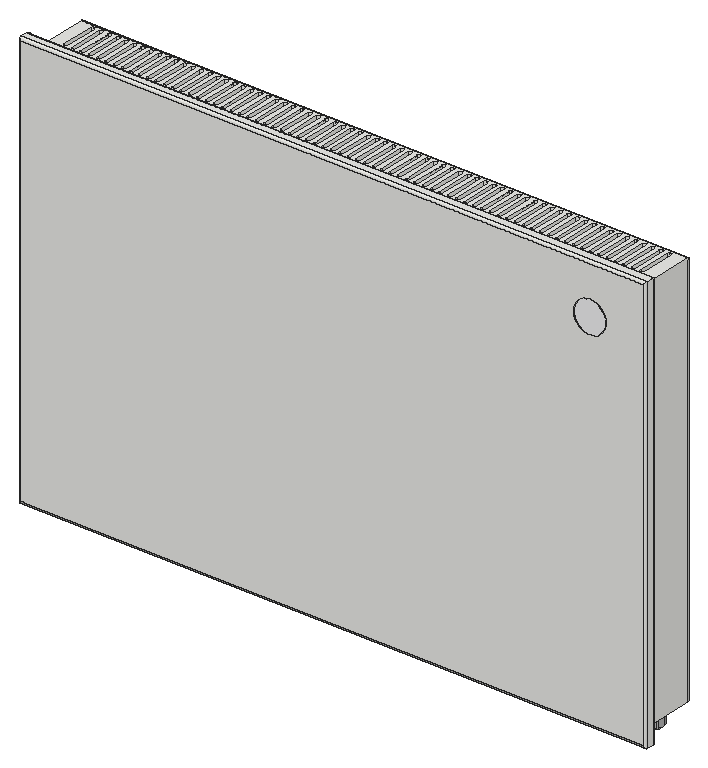
Revit family "Mondo", category Mechanical Equipment, Revit 2020
Family settings
  Round Connector Dimension = Use Diameter
  Classification = None
  Part Type = Normal
  Work Plane-Based = No
  Always vertical = Yes
  Cut with Voids When Loaded = No
  Shared = No
  Room Calculation Point = No
Parameters (values of type "Mondo_0750W")
  Zwart = Zwart
  Voltage = 230 V
  URL = "https://masterwatt.nl/"
  Scherm = Screen
  Power (default) = 750 VA
  Phase = 1
  Model = "Mondo 750W"
  Manufacturer = "Masterwatt B.V."
  Licht grijs = Licht grijs
  Hoogte = 500 mm
  H openingen o = Hoogte - 22 mm  # 478 mm
  H openingen = Hoogte - 12 mm  # 488 mm
  Diepte = 80 mm
  Default Elevation = 0 mm
  Copyright = "Masterwatt B.V."  # constant formula
  Kleur = Lacquer White
  Breedte = 750 mm
  Beugel smal = yes
  Beugel breed = no
  Art. No. = "429 756 411"
  Aantal openingen onder = (Breedte / 2 mm - 135) / 10  # 24
  Aantal openingen boven = (Breedte / 2 mm - 25) / 10  # 35
Reference planes
  plane 1 "Center (Front/Back)": y = 0
  plane 2: z = 0
  plane 3 "Center (Left/Right)": x = 0
  plane 4: x = -375
  plane 5: x = 375
  plane 6: z = 500
  plane 7: y = -15
  plane 8: y = -95
  plane 9: x = -363
  plane 10: z = 488
  plane 11: x = 363
  plane 12: z = 12
  plane 13: y = -81
  plane 14: z = 394
Forms (mm)
  Extrusion 1, solid, material "Lacquer White" <- "Kleur", detail levels medium+fine
    sketch origin (0, 0, 0) x (1, 0, 0) y (0, 0, 1)
      loop
        line (-375, 500) -> (-375, 0) -> (375, 0) -> (375, 500) -> (-375, 500)
    from 81 to 95
  Sweep 2, void
    path in 3D
      loop
        line (-375, -95, 500) -> (-375, -95, 0) -> (375, -95, 0) -> (375, -95, 500) -> (-375, -95, 500)
    profile origin (0, -95, 500) x (0, -1, 0) y (0, 0, 1)
      loop
        line (0, 0) -> (-2.5, 0)
        arc (-2.5, 0) -> (-0.732, -0.732) -> (0, -2.5) r 2.5
        line (0, -2.5) -> (0, 0)
      loop
        line (-14, 0) -> (-14, -2.5)
        arc (-14, -2.5) -> (-13.268, -0.732) -> (-11.5, 0) r 2.5
        line (-11.5, 0) -> (-14, 0)
  Extrusion 3, solid, material "Lacquer White" <- "Kleur", detail levels medium+fine
    sketch origin (0, 0, 0) x (1, 0, 0) y (0, 0, 1)
      loop
        line (-363, 488) -> (-363, 12) -> (363, 12) -> (363, 488) -> (-363, 488)
    from 15 to 81
  Sweep 4, void
    path in 3D
      loop
        line (-363, -81, 488) -> (-363, -81, 12) -> (363, -81, 12) -> (363, -81, 488) -> (-363, -81, 488)
    profile origin (0, -81, 488) x (0, -1, 0) y (0, 0, 1)
      loop
        line (-66, 0) -> (-66, -2)
        arc (-66, -2) -> (-65.414, -0.586) -> (-64, 0) r 2
        line (-64, 0) -> (-66, 0)
  Extrusion 5, void
    sketch origin (-14.747, -2.968, 0) x (1, 0, 0) y (0, 1, 0)
      loop
        arc (341.747, -39.532) -> (339.247, -37.032) -> (336.747, -39.532) r 2.5
        line (336.747, -39.532) -> (336.747, -59.532)
        arc (336.747, -59.532) -> (339.247, -62.032) -> (341.747, -59.532) r 2.5
        line (341.747, -59.532) -> (341.747, -39.532)
    from 12 to 22
  Extrusion 6, void
    sketch origin (-24.747, -2.968, 0) x (1, 0, 0) y (0, 1, 0)
      loop
        arc (341.747, -39.532) -> (339.247, -37.032) -> (336.747, -39.532) r 2.5
        line (336.747, -39.532) -> (336.747, -59.532)
        arc (336.747, -59.532) -> (339.247, -62.032) -> (341.747, -59.532) r 2.5
        line (341.747, -59.532) -> (341.747, -39.532)
    from 12 to 22
  Extrusion 7, void
    sketch origin (-34.747, -2.968, 0) x (1, 0, 0) y (0, 1, 0)
      loop
        arc (341.747, -39.532) -> (339.247, -37.032) -> (336.747, -39.532) r 2.5
        line (336.747, -39.532) -> (336.747, -59.532)
        arc (336.747, -59.532) -> (339.247, -62.032) -> (341.747, -59.532) r 2.5
        line (341.747, -59.532) -> (341.747, -39.532)
    from 12 to 22
  Extrusion 8, void
    sketch origin (-19.747, 23.032, 0) x (1, 0, 0) y (0, 1, 0)
      loop
        line (341.747, -38.032) -> (336.747, -38.032) -> (336.747, -59.532)
        arc (336.747, -59.532) -> (339.247, -62.032) -> (341.747, -59.532) r 2.5
        line (341.747, -59.532) -> (341.747, -38.032)
    from 12 to 17
  Extrusion 9, void
    sketch origin (-29.747, 23.032, 0) x (1, 0, 0) y (0, 1, 0)
      loop
        line (341.747, -38.032) -> (336.747, -38.032) -> (336.747, -59.532)
        arc (336.747, -59.532) -> (339.247, -62.032) -> (341.747, -59.532) r 2.5
        line (341.747, -59.532) -> (341.747, -38.032)
    from 12 to 17
  Extrusion 10, void
    sketch origin (-983.747, -2.968, 0) x (1, 0, 0) y (0, 1, 0)
      loop
        arc (641.747, -39.532) -> (639.247, -37.032) -> (636.747, -39.532) r 2.5
        line (636.747, -39.532) -> (636.747, -59.532)
        arc (636.747, -59.532) -> (639.247, -62.032) -> (641.747, -59.532) r 2.5
        line (641.747, -59.532) -> (641.747, -39.532)
    from 12 to 22
  Extrusion 11, void
    sketch origin (-988.747, 23.032, 0) x (1, 0, 0) y (0, 1, 0)
      loop
        line (641.747, -38.032) -> (636.747, -38.032) -> (636.747, -59.532)
        arc (636.747, -59.532) -> (639.247, -62.032) -> (641.747, -59.532) r 2.5
        line (641.747, -59.532) -> (641.747, -38.032)
    from 12 to 17
  Extrusion 12, void
    sketch origin (-973.747, -2.968, 0) x (1, 0, 0) y (0, 1, 0)
      loop
        arc (641.747, -39.532) -> (639.247, -37.032) -> (636.747, -39.532) r 2.5
        line (636.747, -39.532) -> (636.747, -59.532)
        arc (636.747, -59.532) -> (639.247, -62.032) -> (641.747, -59.532) r 2.5
        line (641.747, -59.532) -> (641.747, -39.532)
    from 12 to 22
  Extrusion 13, void
    sketch origin (-978.747, 23.032, 0) x (1, 0, 0) y (0, 1, 0)
      loop
        line (641.747, -38.032) -> (636.747, -38.032) -> (636.747, -59.532)
        arc (636.747, -59.532) -> (639.247, -62.032) -> (641.747, -59.532) r 2.5
        line (641.747, -59.532) -> (641.747, -38.032)
    from 12 to 17
  Extrusion 14, void
    sketch origin (-963.747, -2.968, 0) x (1, 0, 0) y (0, 1, 0)
      loop
        arc (641.747, -39.532) -> (639.247, -37.032) -> (636.747, -39.532) r 2.5
        line (636.747, -39.532) -> (636.747, -59.532)
        arc (636.747, -59.532) -> (639.247, -62.032) -> (641.747, -59.532) r 2.5
        line (641.747, -59.532) -> (641.747, -39.532)
    from 12 to 22
  Extrusion 15, void
    sketch origin (-968.747, 23.032, 0) x (1, 0, 0) y (0, 1, 0)
      loop
        line (641.747, -38.032) -> (636.747, -38.032) -> (636.747, -59.532)
        arc (636.747, -59.532) -> (639.247, -62.032) -> (641.747, -59.532) r 2.5
        line (641.747, -59.532) -> (641.747, -38.032)
    from 12 to 17
  Extrusion 16, void
    sketch origin (-953.747, -2.968, 0) x (1, 0, 0) y (0, 1, 0)
      loop
        arc (641.747, -39.532) -> (639.247, -37.032) -> (636.747, -39.532) r 2.5
        line (636.747, -39.532) -> (636.747, -59.532)
        arc (636.747, -59.532) -> (639.247, -62.032) -> (641.747, -59.532) r 2.5
        line (641.747, -59.532) -> (641.747, -39.532)
    from 12 to 22
  Extrusion 17, void
    sketch origin (-958.747, 23.032, 0) x (1, 0, 0) y (0, 1, 0)
      loop
        line (641.747, -38.032) -> (636.747, -38.032) -> (636.747, -59.532)
        arc (636.747, -59.532) -> (639.247, -62.032) -> (641.747, -59.532) r 2.5
        line (641.747, -59.532) -> (641.747, -38.032)
    from 12 to 17
  Extrusion 18, void
    sketch origin (-943.747, -2.968, 0) x (1, 0, 0) y (0, 1, 0)
      loop
        arc (641.747, -39.532) -> (639.247, -37.032) -> (636.747, -39.532) r 2.5
        line (636.747, -39.532) -> (636.747, -59.532)
        arc (636.747, -59.532) -> (639.247, -62.032) -> (641.747, -59.532) r 2.5
        line (641.747, -59.532) -> (641.747, -39.532)
    from 12 to 22
  Extrusion 19, void
    sketch origin (-948.747, 23.032, 0) x (1, 0, 0) y (0, 1, 0)
      loop
        line (641.747, -38.032) -> (636.747, -38.032) -> (636.747, -59.532)
        arc (636.747, -59.532) -> (639.247, -62.032) -> (641.747, -59.532) r 2.5
        line (641.747, -59.532) -> (641.747, -38.032)
    from 12 to 17
  Extrusion 20, void
    sketch origin (-504.247, -2.968, 0) x (1, 0, 0) y (0, 1, 0)
      loop
        arc (491.747, -39.532) -> (489.247, -37.032) -> (486.747, -39.532) r 2.5
        line (486.747, -39.532) -> (486.747, -59.532)
        arc (486.747, -59.532) -> (489.247, -62.032) -> (491.747, -59.532) r 2.5
        line (491.747, -59.532) -> (491.747, -39.532)
    from 12 to 22
  Extrusion 21, void
    sketch origin (-494.247, -2.968, 0) x (1, 0, 0) y (0, 1, 0)
      loop
        arc (491.747, -39.532) -> (489.247, -37.032) -> (486.747, -39.532) r 2.5
        line (486.747, -39.532) -> (486.747, -59.532)
        arc (486.747, -59.532) -> (489.247, -62.032) -> (491.747, -59.532) r 2.5
        line (491.747, -59.532) -> (491.747, -39.532)
    from 12 to 22
  Extrusion 22, void
    sketch origin (-499.247, 23.032, 0) x (1, 0, 0) y (0, 1, 0)
      loop
        line (491.747, -38.032) -> (486.747, -38.032) -> (486.747, -59.532)
        arc (486.747, -59.532) -> (489.247, -62.032) -> (491.747, -59.532) r 2.5
        line (491.747, -59.532) -> (491.747, -38.032)
    from 12 to 17
  Extrusion 23, void
    sketch origin (-484.247, -2.968, 0) x (1, 0, 0) y (0, 1, 0)
      loop
        arc (491.747, -39.532) -> (489.247, -37.032) -> (486.747, -39.532) r 2.5
        line (486.747, -39.532) -> (486.747, -59.532)
        arc (486.747, -59.532) -> (489.247, -62.032) -> (491.747, -59.532) r 2.5
        line (491.747, -59.532) -> (491.747, -39.532)
    from 12 to 22
  Extrusion 24, void
    sketch origin (-489.247, 23.032, 0) x (1, 0, 0) y (0, 1, 0)
      loop
        line (491.747, -38.032) -> (486.747, -38.032) -> (486.747, -59.532)
        arc (486.747, -59.532) -> (489.247, -62.032) -> (491.747, -59.532) r 2.5
        line (491.747, -59.532) -> (491.747, -38.032)
    from 12 to 17
  Extrusion 25, void
    sketch origin (-474.247, -2.968, 0) x (1, 0, 0) y (0, 1, 0)
      loop
        arc (491.747, -39.532) -> (489.247, -37.032) -> (486.747, -39.532) r 2.5
        line (486.747, -39.532) -> (486.747, -59.532)
        arc (486.747, -59.532) -> (489.247, -62.032) -> (491.747, -59.532) r 2.5
        line (491.747, -59.532) -> (491.747, -39.532)
    from 12 to 22
  Extrusion 26, void
    sketch origin (-479.247, 23.032, 0) x (1, 0, 0) y (0, 1, 0)
      loop
        line (491.747, -38.032) -> (486.747, -38.032) -> (486.747, -59.532)
        arc (486.747, -59.532) -> (489.247, -62.032) -> (491.747, -59.532) r 2.5
        line (491.747, -59.532) -> (491.747, -38.032)
    from 12 to 17
  Extrusion 27, solid, material "Zwart" <- "Zwart", detail levels fine
    sketch origin (147, -62.5, 0) x (1, 0, 0) y (0, 1, 0)
      loop
        circle (207, -0.5) r 7
    from 10.5 to 12
  Revolve 28, solid, material "Lacquer White" <- "Kleur", detail levels medium+fine
    sketch origin (354, -62.5, 10) x (0, 1, 0) y (0, 0, 1)
      loop
        line (-0.5, 0.5) -> (-0.5, -21.5)
        arc (-0.5, -21.5) -> (1.621, -20.621) -> (2.5, -18.5) r 3
        line (2.5, -18.5) -> (2.5, 0.5) -> (-0.5, 0.5)
      axis (-0.5, 0.5) -> (-0.5, -21.5)
    angle from 0 to 360
  Extrusion 29, void
    sketch origin (0, 0, 0) x (1, 0, 0) y (0, 1, 0)
      loop
        line (-2.5, -62.5) -> (-2.5, -22.5)
        arc (-2.5, -22.5) -> (-5, -20) -> (-7.5, -22.5) r 2.5
        line (-7.5, -22.5) -> (-7.5, -62.5)
        arc (-7.5, -62.5) -> (-5, -65) -> (-2.5, -62.5) r 2.5
    from 478 <- "H openingen o" to 488 <- "H openingen"
  Extrusion 30, void
    sketch origin (10, 0, 0) x (1, 0, 0) y (0, 1, 0)
      loop
        line (-2.5, -62.5) -> (-2.5, -22.5)
        arc (-2.5, -22.5) -> (-5, -20) -> (-7.5, -22.5) r 2.5
        line (-7.5, -22.5) -> (-7.5, -62.5)
        arc (-7.5, -62.5) -> (-5, -65) -> (-2.5, -62.5) r 2.5
    from 478 <- "H openingen o" to 488 <- "H openingen"
  Extrusion 31, void
    sketch origin (20, 0, 0) x (1, 0, 0) y (0, 1, 0)
      loop
        line (-2.5, -62.5) -> (-2.5, -22.5)
        arc (-2.5, -22.5) -> (-5, -20) -> (-7.5, -22.5) r 2.5
        line (-7.5, -22.5) -> (-7.5, -62.5)
        arc (-7.5, -62.5) -> (-5, -65) -> (-2.5, -62.5) r 2.5
    from 478 <- "H openingen o" to 488 <- "H openingen"
  Extrusion 32, void
    sketch origin (30, 0, 0) x (1, 0, 0) y (0, 1, 0)
      loop
        line (-2.5, -62.5) -> (-2.5, -22.5)
        arc (-2.5, -22.5) -> (-5, -20) -> (-7.5, -22.5) r 2.5
        line (-7.5, -22.5) -> (-7.5, -62.5)
        arc (-7.5, -62.5) -> (-5, -65) -> (-2.5, -62.5) r 2.5
    from 478 <- "H openingen o" to 488 <- "H openingen"
  Extrusion 33, void
    sketch origin (40, 0, 0) x (1, 0, 0) y (0, 1, 0)
      loop
        line (-2.5, -62.5) -> (-2.5, -22.5)
        arc (-2.5, -22.5) -> (-5, -20) -> (-7.5, -22.5) r 2.5
        line (-7.5, -22.5) -> (-7.5, -62.5)
        arc (-7.5, -62.5) -> (-5, -65) -> (-2.5, -62.5) r 2.5
    from 478 <- "H openingen o" to 488 <- "H openingen"
  Extrusion 34, void
    sketch origin (50, 0, 0) x (1, 0, 0) y (0, 1, 0)
      loop
        line (-2.5, -62.5) -> (-2.5, -22.5)
        arc (-2.5, -22.5) -> (-5, -20) -> (-7.5, -22.5) r 2.5
        line (-7.5, -22.5) -> (-7.5, -62.5)
        arc (-7.5, -62.5) -> (-5, -65) -> (-2.5, -62.5) r 2.5
    from 478 <- "H openingen o" to 488 <- "H openingen"
  Extrusion 35, void
    sketch origin (60, 0, 0) x (1, 0, 0) y (0, 1, 0)
      loop
        line (-2.5, -62.5) -> (-2.5, -22.5)
        arc (-2.5, -22.5) -> (-5, -20) -> (-7.5, -22.5) r 2.5
        line (-7.5, -22.5) -> (-7.5, -62.5)
        arc (-7.5, -62.5) -> (-5, -65) -> (-2.5, -62.5) r 2.5
    from 478 <- "H openingen o" to 488 <- "H openingen"
  Extrusion 36, void
    sketch origin (70, 0, 0) x (1, 0, 0) y (0, 1, 0)
      loop
        line (-2.5, -62.5) -> (-2.5, -22.5)
        arc (-2.5, -22.5) -> (-5, -20) -> (-7.5, -22.5) r 2.5
        line (-7.5, -22.5) -> (-7.5, -62.5)
        arc (-7.5, -62.5) -> (-5, -65) -> (-2.5, -62.5) r 2.5
    from 478 <- "H openingen o" to 488 <- "H openingen"
  Extrusion 37, void
    sketch origin (80, 0, 0) x (1, 0, 0) y (0, 1, 0)
      loop
        line (-2.5, -62.5) -> (-2.5, -22.5)
        arc (-2.5, -22.5) -> (-5, -20) -> (-7.5, -22.5) r 2.5
        line (-7.5, -22.5) -> (-7.5, -62.5)
        arc (-7.5, -62.5) -> (-5, -65) -> (-2.5, -62.5) r 2.5
    from 478 <- "H openingen o" to 488 <- "H openingen"
  Extrusion 38, void
    sketch origin (90, 0, 0) x (1, 0, 0) y (0, 1, 0)
      loop
        line (-2.5, -62.5) -> (-2.5, -22.5)
        arc (-2.5, -22.5) -> (-5, -20) -> (-7.5, -22.5) r 2.5
        line (-7.5, -22.5) -> (-7.5, -62.5)
        arc (-7.5, -62.5) -> (-5, -65) -> (-2.5, -62.5) r 2.5
    from 478 <- "H openingen o" to 488 <- "H openingen"
  Extrusion 39, void
    sketch origin (100, 0, 0) x (1, 0, 0) y (0, 1, 0)
      loop
        line (-2.5, -62.5) -> (-2.5, -22.5)
        arc (-2.5, -22.5) -> (-5, -20) -> (-7.5, -22.5) r 2.5
        line (-7.5, -22.5) -> (-7.5, -62.5)
        arc (-7.5, -62.5) -> (-5, -65) -> (-2.5, -62.5) r 2.5
    from 478 <- "H openingen o" to 488 <- "H openingen"
  Extrusion 40, void
    sketch origin (110, 0, 0) x (1, 0, 0) y (0, 1, 0)
      loop
        line (-2.5, -62.5) -> (-2.5, -22.5)
        arc (-2.5, -22.5) -> (-5, -20) -> (-7.5, -22.5) r 2.5
        line (-7.5, -22.5) -> (-7.5, -62.5)
        arc (-7.5, -62.5) -> (-5, -65) -> (-2.5, -62.5) r 2.5
    from 478 <- "H openingen o" to 488 <- "H openingen"
  Extrusion 41, void
    sketch origin (120, 0, 0) x (1, 0, 0) y (0, 1, 0)
      loop
        line (-2.5, -62.5) -> (-2.5, -22.5)
        arc (-2.5, -22.5) -> (-5, -20) -> (-7.5, -22.5) r 2.5
        line (-7.5, -22.5) -> (-7.5, -62.5)
        arc (-7.5, -62.5) -> (-5, -65) -> (-2.5, -62.5) r 2.5
    from 478 <- "H openingen o" to 488 <- "H openingen"
  Extrusion 42, void
    sketch origin (130, 0, 0) x (1, 0, 0) y (0, 1, 0)
      loop
        line (-2.5, -62.5) -> (-2.5, -22.5)
        arc (-2.5, -22.5) -> (-5, -20) -> (-7.5, -22.5) r 2.5
        line (-7.5, -22.5) -> (-7.5, -62.5)
        arc (-7.5, -62.5) -> (-5, -65) -> (-2.5, -62.5) r 2.5
    from 478 <- "H openingen o" to 488 <- "H openingen"
  Extrusion 43, void
    sketch origin (140, 0, 0) x (1, 0, 0) y (0, 1, 0)
      loop
        line (-2.5, -62.5) -> (-2.5, -22.5)
        arc (-2.5, -22.5) -> (-5, -20) -> (-7.5, -22.5) r 2.5
        line (-7.5, -22.5) -> (-7.5, -62.5)
        arc (-7.5, -62.5) -> (-5, -65) -> (-2.5, -62.5) r 2.5
    from 478 <- "H openingen o" to 488 <- "H openingen"
  Extrusion 44, void
    sketch origin (150, 0, 0) x (1, 0, 0) y (0, 1, 0)
      loop
        line (-2.5, -62.5) -> (-2.5, -22.5)
        arc (-2.5, -22.5) -> (-5, -20) -> (-7.5, -22.5) r 2.5
        line (-7.5, -22.5) -> (-7.5, -62.5)
        arc (-7.5, -62.5) -> (-5, -65) -> (-2.5, -62.5) r 2.5
    from 478 <- "H openingen o" to 488 <- "H openingen"
  Extrusion 45, void
    sketch origin (160, 0, 0) x (1, 0, 0) y (0, 1, 0)
      loop
        line (-2.5, -62.5) -> (-2.5, -22.5)
        arc (-2.5, -22.5) -> (-5, -20) -> (-7.5, -22.5) r 2.5
        line (-7.5, -22.5) -> (-7.5, -62.5)
        arc (-7.5, -62.5) -> (-5, -65) -> (-2.5, -62.5) r 2.5
    from 478 <- "H openingen o" to 488 <- "H openingen"
  Extrusion 46, void
    sketch origin (170, 0, 0) x (1, 0, 0) y (0, 1, 0)
      loop
        line (-2.5, -62.5) -> (-2.5, -22.5)
        arc (-2.5, -22.5) -> (-5, -20) -> (-7.5, -22.5) r 2.5
        line (-7.5, -22.5) -> (-7.5, -62.5)
        arc (-7.5, -62.5) -> (-5, -65) -> (-2.5, -62.5) r 2.5
    from 478 <- "H openingen o" to 488 <- "H openingen"
  Extrusion 47, void
    sketch origin (180, 0, 0) x (1, 0, 0) y (0, 1, 0)
      loop
        line (-2.5, -62.5) -> (-2.5, -22.5)
        arc (-2.5, -22.5) -> (-5, -20) -> (-7.5, -22.5) r 2.5
        line (-7.5, -22.5) -> (-7.5, -62.5)
        arc (-7.5, -62.5) -> (-5, -65) -> (-2.5, -62.5) r 2.5
    from 478 <- "H openingen o" to 488 <- "H openingen"
  Extrusion 48, void
    sketch origin (190, 0, 0) x (1, 0, 0) y (0, 1, 0)
      loop
        line (-2.5, -62.5) -> (-2.5, -22.5)
        arc (-2.5, -22.5) -> (-5, -20) -> (-7.5, -22.5) r 2.5
        line (-7.5, -22.5) -> (-7.5, -62.5)
        arc (-7.5, -62.5) -> (-5, -65) -> (-2.5, -62.5) r 2.5
    from 478 <- "H openingen o" to 488 <- "H openingen"
  Extrusion 49, void
    sketch origin (200, 0, 0) x (1, 0, 0) y (0, 1, 0)
      loop
        line (-2.5, -62.5) -> (-2.5, -22.5)
        arc (-2.5, -22.5) -> (-5, -20) -> (-7.5, -22.5) r 2.5
        line (-7.5, -22.5) -> (-7.5, -62.5)
        arc (-7.5, -62.5) -> (-5, -65) -> (-2.5, -62.5) r 2.5
    from 478 <- "H openingen o" to 488 <- "H openingen"
  Extrusion 50, void
    sketch origin (210, 0, 0) x (1, 0, 0) y (0, 1, 0)
      loop
        line (-2.5, -62.5) -> (-2.5, -22.5)
        arc (-2.5, -22.5) -> (-5, -20) -> (-7.5, -22.5) r 2.5
        line (-7.5, -22.5) -> (-7.5, -62.5)
        arc (-7.5, -62.5) -> (-5, -65) -> (-2.5, -62.5) r 2.5
    from 478 <- "H openingen o" to 488 <- "H openingen"
  Extrusion 51, void
    sketch origin (220, 0, 0) x (1, 0, 0) y (0, 1, 0)
      loop
        line (-2.5, -62.5) -> (-2.5, -22.5)
        arc (-2.5, -22.5) -> (-5, -20) -> (-7.5, -22.5) r 2.5
        line (-7.5, -22.5) -> (-7.5, -62.5)
        arc (-7.5, -62.5) -> (-5, -65) -> (-2.5, -62.5) r 2.5
    from 478 <- "H openingen o" to 488 <- "H openingen"
  Extrusion 52, void
    sketch origin (230, 0, 0) x (1, 0, 0) y (0, 1, 0)
      loop
        line (-2.5, -62.5) -> (-2.5, -22.5)
        arc (-2.5, -22.5) -> (-5, -20) -> (-7.5, -22.5) r 2.5
        line (-7.5, -22.5) -> (-7.5, -62.5)
        arc (-7.5, -62.5) -> (-5, -65) -> (-2.5, -62.5) r 2.5
    from 478 <- "H openingen o" to 488 <- "H openingen"
  Extrusion 53, void
    sketch origin (240, 0, 0) x (1, 0, 0) y (0, 1, 0)
      loop
        line (-2.5, -62.5) -> (-2.5, -22.5)
        arc (-2.5, -22.5) -> (-5, -20) -> (-7.5, -22.5) r 2.5
        line (-7.5, -22.5) -> (-7.5, -62.5)
        arc (-7.5, -62.5) -> (-5, -65) -> (-2.5, -62.5) r 2.5
    from 478 <- "H openingen o" to 488 <- "H openingen"
  Extrusion 54, void
    sketch origin (250, 0, 0) x (1, 0, 0) y (0, 1, 0)
      loop
        line (-2.5, -62.5) -> (-2.5, -22.5)
        arc (-2.5, -22.5) -> (-5, -20) -> (-7.5, -22.5) r 2.5
        line (-7.5, -22.5) -> (-7.5, -62.5)
        arc (-7.5, -62.5) -> (-5, -65) -> (-2.5, -62.5) r 2.5
    from 478 <- "H openingen o" to 488 <- "H openingen"
  Extrusion 55, void
    sketch origin (260, 0, 0) x (1, 0, 0) y (0, 1, 0)
      loop
        line (-2.5, -62.5) -> (-2.5, -22.5)
        arc (-2.5, -22.5) -> (-5, -20) -> (-7.5, -22.5) r 2.5
        line (-7.5, -22.5) -> (-7.5, -62.5)
        arc (-7.5, -62.5) -> (-5, -65) -> (-2.5, -62.5) r 2.5
    from 478 <- "H openingen o" to 488 <- "H openingen"
  Extrusion 56, void
    sketch origin (270, 0, 0) x (1, 0, 0) y (0, 1, 0)
      loop
        line (-2.5, -62.5) -> (-2.5, -22.5)
        arc (-2.5, -22.5) -> (-5, -20) -> (-7.5, -22.5) r 2.5
        line (-7.5, -22.5) -> (-7.5, -62.5)
        arc (-7.5, -62.5) -> (-5, -65) -> (-2.5, -62.5) r 2.5
    from 478 <- "H openingen o" to 488 <- "H openingen"
  Extrusion 57, void
    sketch origin (280, 0, 0) x (1, 0, 0) y (0, 1, 0)
      loop
        line (-2.5, -62.5) -> (-2.5, -22.5)
        arc (-2.5, -22.5) -> (-5, -20) -> (-7.5, -22.5) r 2.5
        line (-7.5, -22.5) -> (-7.5, -62.5)
        arc (-7.5, -62.5) -> (-5, -65) -> (-2.5, -62.5) r 2.5
    from 478 <- "H openingen o" to 488 <- "H openingen"
  Extrusion 58, void
    sketch origin (290, 0, 0) x (1, 0, 0) y (0, 1, 0)
      loop
        line (-2.5, -62.5) -> (-2.5, -22.5)
        arc (-2.5, -22.5) -> (-5, -20) -> (-7.5, -22.5) r 2.5
        line (-7.5, -22.5) -> (-7.5, -62.5)
        arc (-7.5, -62.5) -> (-5, -65) -> (-2.5, -62.5) r 2.5
    from 478 <- "H openingen o" to 488 <- "H openingen"
  Extrusion 59, void
    sketch origin (300, 0, 0) x (1, 0, 0) y (0, 1, 0)
      loop
        line (-2.5, -62.5) -> (-2.5, -22.5)
        arc (-2.5, -22.5) -> (-5, -20) -> (-7.5, -22.5) r 2.5
        line (-7.5, -22.5) -> (-7.5, -62.5)
        arc (-7.5, -62.5) -> (-5, -65) -> (-2.5, -62.5) r 2.5
    from 478 <- "H openingen o" to 488 <- "H openingen"
  Extrusion 60, void
    sketch origin (310, 0, 0) x (1, 0, 0) y (0, 1, 0)
      loop
        line (-2.5, -62.5) -> (-2.5, -22.5)
        arc (-2.5, -22.5) -> (-5, -20) -> (-7.5, -22.5) r 2.5
        line (-7.5, -22.5) -> (-7.5, -62.5)
        arc (-7.5, -62.5) -> (-5, -65) -> (-2.5, -62.5) r 2.5
    from 478 <- "H openingen o" to 488 <- "H openingen"
  Extrusion 61, void
    sketch origin (320, 0, 0) x (1, 0, 0) y (0, 1, 0)
      loop
        line (-2.5, -62.5) -> (-2.5, -22.5)
        arc (-2.5, -22.5) -> (-5, -20) -> (-7.5, -22.5) r 2.5
        line (-7.5, -22.5) -> (-7.5, -62.5)
        arc (-7.5, -62.5) -> (-5, -65) -> (-2.5, -62.5) r 2.5
    from 478 <- "H openingen o" to 488 <- "H openingen"
  Extrusion 62, void
    sketch origin (330, 0, 0) x (1, 0, 0) y (0, 1, 0)
      loop
        line (-2.5, -62.5) -> (-2.5, -22.5)
        arc (-2.5, -22.5) -> (-5, -20) -> (-7.5, -22.5) r 2.5
        line (-7.5, -22.5) -> (-7.5, -62.5)
        arc (-7.5, -62.5) -> (-5, -65) -> (-2.5, -62.5) r 2.5
    from 478 <- "H openingen o" to 488 <- "H openingen"
  Extrusion 63, void
    sketch origin (340, 0, 0) x (1, 0, 0) y (0, 1, 0)
      loop
        line (-2.5, -62.5) -> (-2.5, -22.5)
        arc (-2.5, -22.5) -> (-5, -20) -> (-7.5, -22.5) r 2.5
        line (-7.5, -22.5) -> (-7.5, -62.5)
        arc (-7.5, -62.5) -> (-5, -65) -> (-2.5, -62.5) r 2.5
    from 478 <- "H openingen o" to 488 <- "H openingen"
  Extrusion 64, void
    sketch origin (350, 0, 0) x (1, 0, 0) y (0, 1, 0)
      loop
        line (-2.5, -62.5) -> (-2.5, -22.5)
        arc (-2.5, -22.5) -> (-5, -20) -> (-7.5, -22.5) r 2.5
        line (-7.5, -22.5) -> (-7.5, -62.5)
        arc (-7.5, -62.5) -> (-5, -65) -> (-2.5, -62.5) r 2.5
    from 478 <- "H openingen o" to 488 <- "H openingen"
  Extrusion 65, void
    sketch origin (-10, 0, 0) x (1, 0, 0) y (0, 1, 0)
      loop
        line (-2.5, -62.5) -> (-2.5, -22.5)
        arc (-2.5, -22.5) -> (-5, -20) -> (-7.5, -22.5) r 2.5
        line (-7.5, -22.5) -> (-7.5, -62.5)
        arc (-7.5, -62.5) -> (-5, -65) -> (-2.5, -62.5) r 2.5
    from 478 <- "H openingen o" to 488 <- "H openingen"
  Extrusion 66, void
    sketch origin (-20, 0, 0) x (1, 0, 0) y (0, 1, 0)
      loop
        line (-2.5, -62.5) -> (-2.5, -22.5)
        arc (-2.5, -22.5) -> (-5, -20) -> (-7.5, -22.5) r 2.5
        line (-7.5, -22.5) -> (-7.5, -62.5)
        arc (-7.5, -62.5) -> (-5, -65) -> (-2.5, -62.5) r 2.5
    from 478 <- "H openingen o" to 488 <- "H openingen"
  Extrusion 67, void
    sketch origin (-30, 0, 0) x (1, 0, 0) y (0, 1, 0)
      loop
        line (-2.5, -62.5) -> (-2.5, -22.5)
        arc (-2.5, -22.5) -> (-5, -20) -> (-7.5, -22.5) r 2.5
        line (-7.5, -22.5) -> (-7.5, -62.5)
        arc (-7.5, -62.5) -> (-5, -65) -> (-2.5, -62.5) r 2.5
    from 478 <- "H openingen o" to 488 <- "H openingen"
  Extrusion 68, void
    sketch origin (-40, 0, 0) x (1, 0, 0) y (0, 1, 0)
      loop
        line (-2.5, -62.5) -> (-2.5, -22.5)
        arc (-2.5, -22.5) -> (-5, -20) -> (-7.5, -22.5) r 2.5
        line (-7.5, -22.5) -> (-7.5, -62.5)
        arc (-7.5, -62.5) -> (-5, -65) -> (-2.5, -62.5) r 2.5
    from 478 <- "H openingen o" to 488 <- "H openingen"
  Extrusion 69, void
    sketch origin (-50, 0, 0) x (1, 0, 0) y (0, 1, 0)
      loop
        line (-2.5, -62.5) -> (-2.5, -22.5)
        arc (-2.5, -22.5) -> (-5, -20) -> (-7.5, -22.5) r 2.5
        line (-7.5, -22.5) -> (-7.5, -62.5)
        arc (-7.5, -62.5) -> (-5, -65) -> (-2.5, -62.5) r 2.5
    from 478 <- "H openingen o" to 488 <- "H openingen"
  Extrusion 70, void
    sketch origin (-60, 0, 0) x (1, 0, 0) y (0, 1, 0)
      loop
        line (-2.5, -62.5) -> (-2.5, -22.5)
        arc (-2.5, -22.5) -> (-5, -20) -> (-7.5, -22.5) r 2.5
        line (-7.5, -22.5) -> (-7.5, -62.5)
        arc (-7.5, -62.5) -> (-5, -65) -> (-2.5, -62.5) r 2.5
    from 478 <- "H openingen o" to 488 <- "H openingen"
  Extrusion 71, void
    sketch origin (-70, 0, 0) x (1, 0, 0) y (0, 1, 0)
      loop
        line (-2.5, -62.5) -> (-2.5, -22.5)
        arc (-2.5, -22.5) -> (-5, -20) -> (-7.5, -22.5) r 2.5
        line (-7.5, -22.5) -> (-7.5, -62.5)
        arc (-7.5, -62.5) -> (-5, -65) -> (-2.5, -62.5) r 2.5
    from 478 <- "H openingen o" to 488 <- "H openingen"
  Extrusion 72, void
    sketch origin (-80, 0, 0) x (1, 0, 0) y (0, 1, 0)
      loop
        line (-2.5, -62.5) -> (-2.5, -22.5)
        arc (-2.5, -22.5) -> (-5, -20) -> (-7.5, -22.5) r 2.5
        line (-7.5, -22.5) -> (-7.5, -62.5)
        arc (-7.5, -62.5) -> (-5, -65) -> (-2.5, -62.5) r 2.5
    from 478 <- "H openingen o" to 488 <- "H openingen"
  Extrusion 73, void
    sketch origin (-90, 0, 0) x (1, 0, 0) y (0, 1, 0)
      loop
        line (-2.5, -62.5) -> (-2.5, -22.5)
        arc (-2.5, -22.5) -> (-5, -20) -> (-7.5, -22.5) r 2.5
        line (-7.5, -22.5) -> (-7.5, -62.5)
        arc (-7.5, -62.5) -> (-5, -65) -> (-2.5, -62.5) r 2.5
    from 478 <- "H openingen o" to 488 <- "H openingen"
  Extrusion 74, void
    sketch origin (-100, 0, 0) x (1, 0, 0) y (0, 1, 0)
      loop
        line (-2.5, -62.5) -> (-2.5, -22.5)
        arc (-2.5, -22.5) -> (-5, -20) -> (-7.5, -22.5) r 2.5
        line (-7.5, -22.5) -> (-7.5, -62.5)
        arc (-7.5, -62.5) -> (-5, -65) -> (-2.5, -62.5) r 2.5
    from 478 <- "H openingen o" to 488 <- "H openingen"
  Extrusion 75, void
    sketch origin (-110, 0, 0) x (1, 0, 0) y (0, 1, 0)
      loop
        line (-2.5, -62.5) -> (-2.5, -22.5)
        arc (-2.5, -22.5) -> (-5, -20) -> (-7.5, -22.5) r 2.5
        line (-7.5, -22.5) -> (-7.5, -62.5)
        arc (-7.5, -62.5) -> (-5, -65) -> (-2.5, -62.5) r 2.5
    from 478 <- "H openingen o" to 488 <- "H openingen"
  Extrusion 76, void
    sketch origin (-120, 0, 0) x (1, 0, 0) y (0, 1, 0)
      loop
        line (-2.5, -62.5) -> (-2.5, -22.5)
        arc (-2.5, -22.5) -> (-5, -20) -> (-7.5, -22.5) r 2.5
        line (-7.5, -22.5) -> (-7.5, -62.5)
        arc (-7.5, -62.5) -> (-5, -65) -> (-2.5, -62.5) r 2.5
    from 478 <- "H openingen o" to 488 <- "H openingen"
  Extrusion 77, void
    sketch origin (-130, 0, 0) x (1, 0, 0) y (0, 1, 0)
      loop
        line (-2.5, -62.5) -> (-2.5, -22.5)
        arc (-2.5, -22.5) -> (-5, -20) -> (-7.5, -22.5) r 2.5
        line (-7.5, -22.5) -> (-7.5, -62.5)
        arc (-7.5, -62.5) -> (-5, -65) -> (-2.5, -62.5) r 2.5
    from 478 <- "H openingen o" to 488 <- "H openingen"
  Extrusion 78, void
    sketch origin (-140, 0, 0) x (1, 0, 0) y (0, 1, 0)
      loop
        line (-2.5, -62.5) -> (-2.5, -22.5)
        arc (-2.5, -22.5) -> (-5, -20) -> (-7.5, -22.5) r 2.5
        line (-7.5, -22.5) -> (-7.5, -62.5)
        arc (-7.5, -62.5) -> (-5, -65) -> (-2.5, -62.5) r 2.5
    from 478 <- "H openingen o" to 488 <- "H openingen"
  Extrusion 79, void
    sketch origin (-150, 0, 0) x (1, 0, 0) y (0, 1, 0)
      loop
        line (-2.5, -62.5) -> (-2.5, -22.5)
        arc (-2.5, -22.5) -> (-5, -20) -> (-7.5, -22.5) r 2.5
        line (-7.5, -22.5) -> (-7.5, -62.5)
        arc (-7.5, -62.5) -> (-5, -65) -> (-2.5, -62.5) r 2.5
    from 478 <- "H openingen o" to 488 <- "H openingen"
  Extrusion 80, void
    sketch origin (-160, 0, 0) x (1, 0, 0) y (0, 1, 0)
      loop
        line (-2.5, -62.5) -> (-2.5, -22.5)
        arc (-2.5, -22.5) -> (-5, -20) -> (-7.5, -22.5) r 2.5
        line (-7.5, -22.5) -> (-7.5, -62.5)
        arc (-7.5, -62.5) -> (-5, -65) -> (-2.5, -62.5) r 2.5
    from 478 <- "H openingen o" to 488 <- "H openingen"
  Extrusion 81, void
    sketch origin (-170, 0, 0) x (1, 0, 0) y (0, 1, 0)
      loop
        line (-2.5, -62.5) -> (-2.5, -22.5)
        arc (-2.5, -22.5) -> (-5, -20) -> (-7.5, -22.5) r 2.5
        line (-7.5, -22.5) -> (-7.5, -62.5)
        arc (-7.5, -62.5) -> (-5, -65) -> (-2.5, -62.5) r 2.5
    from 478 <- "H openingen o" to 488 <- "H openingen"
  Extrusion 82, void
    sketch origin (-180, 0, 0) x (1, 0, 0) y (0, 1, 0)
      loop
        line (-2.5, -62.5) -> (-2.5, -22.5)
        arc (-2.5, -22.5) -> (-5, -20) -> (-7.5, -22.5) r 2.5
        line (-7.5, -22.5) -> (-7.5, -62.5)
        arc (-7.5, -62.5) -> (-5, -65) -> (-2.5, -62.5) r 2.5
    from 478 <- "H openingen o" to 488 <- "H openingen"
  Extrusion 83, void
    sketch origin (-190, 0, 0) x (1, 0, 0) y (0, 1, 0)
      loop
        line (-2.5, -62.5) -> (-2.5, -22.5)
        arc (-2.5, -22.5) -> (-5, -20) -> (-7.5, -22.5) r 2.5
        line (-7.5, -22.5) -> (-7.5, -62.5)
        arc (-7.5, -62.5) -> (-5, -65) -> (-2.5, -62.5) r 2.5
    from 478 <- "H openingen o" to 488 <- "H openingen"
  Extrusion 84, void
    sketch origin (-200, 0, 0) x (1, 0, 0) y (0, 1, 0)
      loop
        line (-2.5, -62.5) -> (-2.5, -22.5)
        arc (-2.5, -22.5) -> (-5, -20) -> (-7.5, -22.5) r 2.5
        line (-7.5, -22.5) -> (-7.5, -62.5)
        arc (-7.5, -62.5) -> (-5, -65) -> (-2.5, -62.5) r 2.5
    from 478 <- "H openingen o" to 488 <- "H openingen"
  Extrusion 85, void
    sketch origin (-210, 0, 0) x (1, 0, 0) y (0, 1, 0)
      loop
        line (-2.5, -62.5) -> (-2.5, -22.5)
        arc (-2.5, -22.5) -> (-5, -20) -> (-7.5, -22.5) r 2.5
        line (-7.5, -22.5) -> (-7.5, -62.5)
        arc (-7.5, -62.5) -> (-5, -65) -> (-2.5, -62.5) r 2.5
    from 478 <- "H openingen o" to 488 <- "H openingen"
  Extrusion 86, void
    sketch origin (-220, 0, 0) x (1, 0, 0) y (0, 1, 0)
      loop
        line (-2.5, -62.5) -> (-2.5, -22.5)
        arc (-2.5, -22.5) -> (-5, -20) -> (-7.5, -22.5) r 2.5
        line (-7.5, -22.5) -> (-7.5, -62.5)
        arc (-7.5, -62.5) -> (-5, -65) -> (-2.5, -62.5) r 2.5
    from 478 <- "H openingen o" to 488 <- "H openingen"
  Extrusion 87, void
    sketch origin (-230, 0, 0) x (1, 0, 0) y (0, 1, 0)
      loop
        line (-2.5, -62.5) -> (-2.5, -22.5)
        arc (-2.5, -22.5) -> (-5, -20) -> (-7.5, -22.5) r 2.5
        line (-7.5, -22.5) -> (-7.5, -62.5)
        arc (-7.5, -62.5) -> (-5, -65) -> (-2.5, -62.5) r 2.5
    from 478 <- "H openingen o" to 488 <- "H openingen"
  Extrusion 88, void
    sketch origin (-240, 0, 0) x (1, 0, 0) y (0, 1, 0)
      loop
        line (-2.5, -62.5) -> (-2.5, -22.5)
        arc (-2.5, -22.5) -> (-5, -20) -> (-7.5, -22.5) r 2.5
        line (-7.5, -22.5) -> (-7.5, -62.5)
        arc (-7.5, -62.5) -> (-5, -65) -> (-2.5, -62.5) r 2.5
    from 478 <- "H openingen o" to 488 <- "H openingen"
  Extrusion 89, void
    sketch origin (-250, 0, 0) x (1, 0, 0) y (0, 1, 0)
      loop
        line (-2.5, -62.5) -> (-2.5, -22.5)
        arc (-2.5, -22.5) -> (-5, -20) -> (-7.5, -22.5) r 2.5
        line (-7.5, -22.5) -> (-7.5, -62.5)
        arc (-7.5, -62.5) -> (-5, -65) -> (-2.5, -62.5) r 2.5
    from 478 <- "H openingen o" to 488 <- "H openingen"
  Extrusion 90, void
    sketch origin (-260, 0, 0) x (1, 0, 0) y (0, 1, 0)
      loop
        line (-2.5, -62.5) -> (-2.5, -22.5)
        arc (-2.5, -22.5) -> (-5, -20) -> (-7.5, -22.5) r 2.5
        line (-7.5, -22.5) -> (-7.5, -62.5)
        arc (-7.5, -62.5) -> (-5, -65) -> (-2.5, -62.5) r 2.5
    from 478 <- "H openingen o" to 488 <- "H openingen"
  Extrusion 91, void
    sketch origin (-270, 0, 0) x (1, 0, 0) y (0, 1, 0)
      loop
        line (-2.5, -62.5) -> (-2.5, -22.5)
        arc (-2.5, -22.5) -> (-5, -20) -> (-7.5, -22.5) r 2.5
        line (-7.5, -22.5) -> (-7.5, -62.5)
        arc (-7.5, -62.5) -> (-5, -65) -> (-2.5, -62.5) r 2.5
    from 478 <- "H openingen o" to 488 <- "H openingen"
  Extrusion 92, void
    sketch origin (-280, 0, 0) x (1, 0, 0) y (0, 1, 0)
      loop
        line (-2.5, -62.5) -> (-2.5, -22.5)
        arc (-2.5, -22.5) -> (-5, -20) -> (-7.5, -22.5) r 2.5
        line (-7.5, -22.5) -> (-7.5, -62.5)
        arc (-7.5, -62.5) -> (-5, -65) -> (-2.5, -62.5) r 2.5
    from 478 <- "H openingen o" to 488 <- "H openingen"
  Extrusion 93, void
    sketch origin (-290, 0, 0) x (1, 0, 0) y (0, 1, 0)
      loop
        line (-2.5, -62.5) -> (-2.5, -22.5)
        arc (-2.5, -22.5) -> (-5, -20) -> (-7.5, -22.5) r 2.5
        line (-7.5, -22.5) -> (-7.5, -62.5)
        arc (-7.5, -62.5) -> (-5, -65) -> (-2.5, -62.5) r 2.5
    from 478 <- "H openingen o" to 488 <- "H openingen"
  Extrusion 94, void
    sketch origin (-300, 0, 0) x (1, 0, 0) y (0, 1, 0)
      loop
        line (-2.5, -62.5) -> (-2.5, -22.5)
        arc (-2.5, -22.5) -> (-5, -20) -> (-7.5, -22.5) r 2.5
        line (-7.5, -22.5) -> (-7.5, -62.5)
        arc (-7.5, -62.5) -> (-5, -65) -> (-2.5, -62.5) r 2.5
    from 478 <- "H openingen o" to 488 <- "H openingen"
  Extrusion 95, void
    sketch origin (-310, 0, 0) x (1, 0, 0) y (0, 1, 0)
      loop
        line (-2.5, -62.5) -> (-2.5, -22.5)
        arc (-2.5, -22.5) -> (-5, -20) -> (-7.5, -22.5) r 2.5
        line (-7.5, -22.5) -> (-7.5, -62.5)
        arc (-7.5, -62.5) -> (-5, -65) -> (-2.5, -62.5) r 2.5
    from 478 <- "H openingen o" to 488 <- "H openingen"
  Extrusion 96, void
    sketch origin (-320, 0, 0) x (1, 0, 0) y (0, 1, 0)
      loop
        line (-2.5, -62.5) -> (-2.5, -22.5)
        arc (-2.5, -22.5) -> (-5, -20) -> (-7.5, -22.5) r 2.5
        line (-7.5, -22.5) -> (-7.5, -62.5)
        arc (-7.5, -62.5) -> (-5, -65) -> (-2.5, -62.5) r 2.5
    from 478 <- "H openingen o" to 488 <- "H openingen"
  Extrusion 97, void
    sketch origin (-330, 0, 0) x (1, 0, 0) y (0, 1, 0)
      loop
        line (-2.5, -62.5) -> (-2.5, -22.5)
        arc (-2.5, -22.5) -> (-5, -20) -> (-7.5, -22.5) r 2.5
        line (-7.5, -22.5) -> (-7.5, -62.5)
        arc (-7.5, -62.5) -> (-5, -65) -> (-2.5, -62.5) r 2.5
    from 478 <- "H openingen o" to 488 <- "H openingen"
  Extrusion 98, void
    sketch origin (-340, 0, 0) x (1, 0, 0) y (0, 1, 0)
      loop
        line (-2.5, -62.5) -> (-2.5, -22.5)
        arc (-2.5, -22.5) -> (-5, -20) -> (-7.5, -22.5) r 2.5
        line (-7.5, -22.5) -> (-7.5, -62.5)
        arc (-7.5, -62.5) -> (-5, -65) -> (-2.5, -62.5) r 2.5
    from 478 <- "H openingen o" to 488 <- "H openingen"
  Extrusion 99, void
    sketch origin (-464.247, -2.968, 0) x (1, 0, 0) y (0, 1, 0)
      loop
        arc (491.747, -39.532) -> (489.247, -37.032) -> (486.747, -39.532) r 2.5
        line (486.747, -39.532) -> (486.747, -59.532)
        arc (486.747, -59.532) -> (489.247, -62.032) -> (491.747, -59.532) r 2.5
        line (491.747, -59.532) -> (491.747, -39.532)
    from 12 to 22
  Extrusion 100, void
    sketch origin (-469.247, 23.032, 0) x (1, 0, 0) y (0, 1, 0)
      loop
        line (491.747, -38.032) -> (486.747, -38.032) -> (486.747, -59.532)
        arc (486.747, -59.532) -> (489.247, -62.032) -> (491.747, -59.532) r 2.5
        line (491.747, -59.532) -> (491.747, -38.032)
    from 12 to 17
  Extrusion 101, void
    sketch origin (-454.247, -2.968, 0) x (1, 0, 0) y (0, 1, 0)
      loop
        arc (491.747, -39.532) -> (489.247, -37.032) -> (486.747, -39.532) r 2.5
        line (486.747, -39.532) -> (486.747, -59.532)
        arc (486.747, -59.532) -> (489.247, -62.032) -> (491.747, -59.532) r 2.5
        line (491.747, -59.532) -> (491.747, -39.532)
    from 12 to 22
  Extrusion 102, void
    sketch origin (-459.247, 23.032, 0) x (1, 0, 0) y (0, 1, 0)
      loop
        line (491.747, -38.032) -> (486.747, -38.032) -> (486.747, -59.532)
        arc (486.747, -59.532) -> (489.247, -62.032) -> (491.747, -59.532) r 2.5
        line (491.747, -59.532) -> (491.747, -38.032)
    from 12 to 17
  Extrusion 103, void
    sketch origin (-444.247, -2.968, 0) x (1, 0, 0) y (0, 1, 0)
      loop
        arc (491.747, -39.532) -> (489.247, -37.032) -> (486.747, -39.532) r 2.5
        line (486.747, -39.532) -> (486.747, -59.532)
        arc (486.747, -59.532) -> (489.247, -62.032) -> (491.747, -59.532) r 2.5
        line (491.747, -59.532) -> (491.747, -39.532)
    from 12 to 22
  Extrusion 104, void
    sketch origin (-449.247, 23.032, 0) x (1, 0, 0) y (0, 1, 0)
      loop
        line (491.747, -38.032) -> (486.747, -38.032) -> (486.747, -59.532)
        arc (486.747, -59.532) -> (489.247, -62.032) -> (491.747, -59.532) r 2.5
        line (491.747, -59.532) -> (491.747, -38.032)
    from 12 to 17
  Extrusion 105, void
    sketch origin (-434.247, -2.968, 0) x (1, 0, 0) y (0, 1, 0)
      loop
        arc (491.747, -39.532) -> (489.247, -37.032) -> (486.747, -39.532) r 2.5
        line (486.747, -39.532) -> (486.747, -59.532)
        arc (486.747, -59.532) -> (489.247, -62.032) -> (491.747, -59.532) r 2.5
        line (491.747, -59.532) -> (491.747, -39.532)
    from 12 to 22
  Extrusion 106, void
    sketch origin (-439.247, 23.032, 0) x (1, 0, 0) y (0, 1, 0)
      loop
        line (491.747, -38.032) -> (486.747, -38.032) -> (486.747, -59.532)
        arc (486.747, -59.532) -> (489.247, -62.032) -> (491.747, -59.532) r 2.5
        line (491.747, -59.532) -> (491.747, -38.032)
    from 12 to 17
  Extrusion 107, void
    sketch origin (-424.247, -2.968, 0) x (1, 0, 0) y (0, 1, 0)
      loop
        arc (491.747, -39.532) -> (489.247, -37.032) -> (486.747, -39.532) r 2.5
        line (486.747, -39.532) -> (486.747, -59.532)
        arc (486.747, -59.532) -> (489.247, -62.032) -> (491.747, -59.532) r 2.5
        line (491.747, -59.532) -> (491.747, -39.532)
    from 12 to 22
  Extrusion 108, void
    sketch origin (-429.247, 23.032, 0) x (1, 0, 0) y (0, 1, 0)
      loop
        line (491.747, -38.032) -> (486.747, -38.032) -> (486.747, -59.532)
        arc (486.747, -59.532) -> (489.247, -62.032) -> (491.747, -59.532) r 2.5
        line (491.747, -59.532) -> (491.747, -38.032)
    from 12 to 17
  Extrusion 109, void
    sketch origin (-414.247, -2.968, 0) x (1, 0, 0) y (0, 1, 0)
      loop
        arc (491.747, -39.532) -> (489.247, -37.032) -> (486.747, -39.532) r 2.5
        line (486.747, -39.532) -> (486.747, -59.532)
        arc (486.747, -59.532) -> (489.247, -62.032) -> (491.747, -59.532) r 2.5
        line (491.747, -59.532) -> (491.747, -39.532)
    from 12 to 22
  Extrusion 110, void
    sketch origin (-419.247, 23.032, 0) x (1, 0, 0) y (0, 1, 0)
      loop
        line (491.747, -38.032) -> (486.747, -38.032) -> (486.747, -59.532)
        arc (486.747, -59.532) -> (489.247, -62.032) -> (491.747, -59.532) r 2.5
        line (491.747, -59.532) -> (491.747, -38.032)
    from 12 to 17
  Extrusion 111, void
    sketch origin (-404.247, -2.968, 0) x (1, 0, 0) y (0, 1, 0)
      loop
        arc (491.747, -39.532) -> (489.247, -37.032) -> (486.747, -39.532) r 2.5
        line (486.747, -39.532) -> (486.747, -59.532)
        arc (486.747, -59.532) -> (489.247, -62.032) -> (491.747, -59.532) r 2.5
        line (491.747, -59.532) -> (491.747, -39.532)
    from 12 to 22
  Extrusion 112, void
    sketch origin (-409.247, 23.032, 0) x (1, 0, 0) y (0, 1, 0)
      loop
        line (491.747, -38.032) -> (486.747, -38.032) -> (486.747, -59.532)
        arc (486.747, -59.532) -> (489.247, -62.032) -> (491.747, -59.532) r 2.5
        line (491.747, -59.532) -> (491.747, -38.032)
    from 12 to 17
  Extrusion 113, void
    sketch origin (-394.247, -2.968, 0) x (1, 0, 0) y (0, 1, 0)
      loop
        arc (491.747, -39.532) -> (489.247, -37.032) -> (486.747, -39.532) r 2.5
        line (486.747, -39.532) -> (486.747, -59.532)
        arc (486.747, -59.532) -> (489.247, -62.032) -> (491.747, -59.532) r 2.5
        line (491.747, -59.532) -> (491.747, -39.532)
    from 12 to 22
  Extrusion 114, void
    sketch origin (-399.247, 23.032, 0) x (1, 0, 0) y (0, 1, 0)
      loop
        line (491.747, -38.032) -> (486.747, -38.032) -> (486.747, -59.532)
        arc (486.747, -59.532) -> (489.247, -62.032) -> (491.747, -59.532) r 2.5
        line (491.747, -59.532) -> (491.747, -38.032)
    from 12 to 17
  Extrusion 115, void
    sketch origin (-384.247, -2.968, 0) x (1, 0, 0) y (0, 1, 0)
      loop
        arc (491.747, -39.532) -> (489.247, -37.032) -> (486.747, -39.532) r 2.5
        line (486.747, -39.532) -> (486.747, -59.532)
        arc (486.747, -59.532) -> (489.247, -62.032) -> (491.747, -59.532) r 2.5
        line (491.747, -59.532) -> (491.747, -39.532)
    from 12 to 22
  Extrusion 116, void
    sketch origin (-389.247, 23.032, 0) x (1, 0, 0) y (0, 1, 0)
      loop
        line (491.747, -38.032) -> (486.747, -38.032) -> (486.747, -59.532)
        arc (486.747, -59.532) -> (489.247, -62.032) -> (491.747, -59.532) r 2.5
        line (491.747, -59.532) -> (491.747, -38.032)
    from 12 to 17
  Extrusion 117, void
    sketch origin (-374.247, -2.968, 0) x (1, 0, 0) y (0, 1, 0)
      loop
        arc (491.747, -39.532) -> (489.247, -37.032) -> (486.747, -39.532) r 2.5
        line (486.747, -39.532) -> (486.747, -59.532)
        arc (486.747, -59.532) -> (489.247, -62.032) -> (491.747, -59.532) r 2.5
        line (491.747, -59.532) -> (491.747, -39.532)
    from 12 to 22
  Extrusion 118, void
    sketch origin (-379.247, 23.032, 0) x (1, 0, 0) y (0, 1, 0)
      loop
        line (491.747, -38.032) -> (486.747, -38.032) -> (486.747, -59.532)
        arc (486.747, -59.532) -> (489.247, -62.032) -> (491.747, -59.532) r 2.5
        line (491.747, -59.532) -> (491.747, -38.032)
    from 12 to 17
  Extrusion 119, void
    sketch origin (-364.247, -2.968, 0) x (1, 0, 0) y (0, 1, 0)
      loop
        arc (491.747, -39.532) -> (489.247, -37.032) -> (486.747, -39.532) r 2.5
        line (486.747, -39.532) -> (486.747, -59.532)
        arc (486.747, -59.532) -> (489.247, -62.032) -> (491.747, -59.532) r 2.5
        line (491.747, -59.532) -> (491.747, -39.532)
    from 12 to 22
  Extrusion 120, void
    sketch origin (-369.247, 23.032, 0) x (1, 0, 0) y (0, 1, 0)
      loop
        line (491.747, -38.032) -> (486.747, -38.032) -> (486.747, -59.532)
        arc (486.747, -59.532) -> (489.247, -62.032) -> (491.747, -59.532) r 2.5
        line (491.747, -59.532) -> (491.747, -38.032)
    from 12 to 17
  Extrusion 121, void
    sketch origin (-354.247, -2.968, 0) x (1, 0, 0) y (0, 1, 0)
      loop
        arc (491.747, -39.532) -> (489.247, -37.032) -> (486.747, -39.532) r 2.5
        line (486.747, -39.532) -> (486.747, -59.532)
        arc (486.747, -59.532) -> (489.247, -62.032) -> (491.747, -59.532) r 2.5
        line (491.747, -59.532) -> (491.747, -39.532)
    from 12 to 22
  Extrusion 122, void
    sketch origin (-359.247, 23.032, 0) x (1, 0, 0) y (0, 1, 0)
      loop
        line (491.747, -38.032) -> (486.747, -38.032) -> (486.747, -59.532)
        arc (486.747, -59.532) -> (489.247, -62.032) -> (491.747, -59.532) r 2.5
        line (491.747, -59.532) -> (491.747, -38.032)
    from 12 to 17
  Extrusion 123, void
    sketch origin (-344.247, -2.968, 0) x (1, 0, 0) y (0, 1, 0)
      loop
        arc (491.747, -39.532) -> (489.247, -37.032) -> (486.747, -39.532) r 2.5
        line (486.747, -39.532) -> (486.747, -59.532)
        arc (486.747, -59.532) -> (489.247, -62.032) -> (491.747, -59.532) r 2.5
        line (491.747, -59.532) -> (491.747, -39.532)
    from 12 to 22
  Extrusion 124, void
    sketch origin (-349.247, 23.032, 0) x (1, 0, 0) y (0, 1, 0)
      loop
        line (491.747, -38.032) -> (486.747, -38.032) -> (486.747, -59.532)
        arc (486.747, -59.532) -> (489.247, -62.032) -> (491.747, -59.532) r 2.5
        line (491.747, -59.532) -> (491.747, -38.032)
    from 12 to 17
  Extrusion 125, void
    sketch origin (-334.247, -2.968, 0) x (1, 0, 0) y (0, 1, 0)
      loop
        arc (491.747, -39.532) -> (489.247, -37.032) -> (486.747, -39.532) r 2.5
        line (486.747, -39.532) -> (486.747, -59.532)
        arc (486.747, -59.532) -> (489.247, -62.032) -> (491.747, -59.532) r 2.5
        line (491.747, -59.532) -> (491.747, -39.532)
    from 12 to 22
  Extrusion 126, void
    sketch origin (-339.247, 23.032, 0) x (1, 0, 0) y (0, 1, 0)
      loop
        line (491.747, -38.032) -> (486.747, -38.032) -> (486.747, -59.532)
        arc (486.747, -59.532) -> (489.247, -62.032) -> (491.747, -59.532) r 2.5
        line (491.747, -59.532) -> (491.747, -38.032)
    from 12 to 17
  Extrusion 127, void
    sketch origin (-324.247, -2.968, 0) x (1, 0, 0) y (0, 1, 0)
      loop
        arc (491.747, -39.532) -> (489.247, -37.032) -> (486.747, -39.532) r 2.5
        line (486.747, -39.532) -> (486.747, -59.532)
        arc (486.747, -59.532) -> (489.247, -62.032) -> (491.747, -59.532) r 2.5
        line (491.747, -59.532) -> (491.747, -39.532)
    from 12 to 22
  Extrusion 128, void
    sketch origin (-329.247, 23.032, 0) x (1, 0, 0) y (0, 1, 0)
      loop
        line (491.747, -38.032) -> (486.747, -38.032) -> (486.747, -59.532)
        arc (486.747, -59.532) -> (489.247, -62.032) -> (491.747, -59.532) r 2.5
        line (491.747, -59.532) -> (491.747, -38.032)
    from 12 to 17
  Extrusion 129, void
    sketch origin (-314.247, -2.968, 0) x (1, 0, 0) y (0, 1, 0)
      loop
        arc (491.747, -39.532) -> (489.247, -37.032) -> (486.747, -39.532) r 2.5
        line (486.747, -39.532) -> (486.747, -59.532)
        arc (486.747, -59.532) -> (489.247, -62.032) -> (491.747, -59.532) r 2.5
        line (491.747, -59.532) -> (491.747, -39.532)
    from 12 to 22
  Extrusion 130, void
    sketch origin (-319.247, 23.032, 0) x (1, 0, 0) y (0, 1, 0)
      loop
        line (491.747, -38.032) -> (486.747, -38.032) -> (486.747, -59.532)
        arc (486.747, -59.532) -> (489.247, -62.032) -> (491.747, -59.532) r 2.5
        line (491.747, -59.532) -> (491.747, -38.032)
    from 12 to 17
  Extrusion 131, void
    sketch origin (-304.247, -2.968, 0) x (1, 0, 0) y (0, 1, 0)
      loop
        arc (491.747, -39.532) -> (489.247, -37.032) -> (486.747, -39.532) r 2.5
        line (486.747, -39.532) -> (486.747, -59.532)
        arc (486.747, -59.532) -> (489.247, -62.032) -> (491.747, -59.532) r 2.5
        line (491.747, -59.532) -> (491.747, -39.532)
    from 12 to 22
  Extrusion 132, void
    sketch origin (-309.247, 23.032, 0) x (1, 0, 0) y (0, 1, 0)
      loop
        line (491.747, -38.032) -> (486.747, -38.032) -> (486.747, -59.532)
        arc (486.747, -59.532) -> (489.247, -62.032) -> (491.747, -59.532) r 2.5
        line (491.747, -59.532) -> (491.747, -38.032)
    from 12 to 17
  Extrusion 133, void
    sketch origin (-294.247, -2.968, 0) x (1, 0, 0) y (0, 1, 0)
      loop
        arc (491.747, -39.532) -> (489.247, -37.032) -> (486.747, -39.532) r 2.5
        line (486.747, -39.532) -> (486.747, -59.532)
        arc (486.747, -59.532) -> (489.247, -62.032) -> (491.747, -59.532) r 2.5
        line (491.747, -59.532) -> (491.747, -39.532)
    from 12 to 22
  Extrusion 134, void
    sketch origin (-299.247, 23.032, 0) x (1, 0, 0) y (0, 1, 0)
      loop
        line (491.747, -38.032) -> (486.747, -38.032) -> (486.747, -59.532)
        arc (486.747, -59.532) -> (489.247, -62.032) -> (491.747, -59.532) r 2.5
        line (491.747, -59.532) -> (491.747, -38.032)
    from 12 to 17
  Extrusion 135, void
    sketch origin (-284.247, -2.968, 0) x (1, 0, 0) y (0, 1, 0)
      loop
        arc (491.747, -39.532) -> (489.247, -37.032) -> (486.747, -39.532) r 2.5
        line (486.747, -39.532) -> (486.747, -59.532)
        arc (486.747, -59.532) -> (489.247, -62.032) -> (491.747, -59.532) r 2.5
        line (491.747, -59.532) -> (491.747, -39.532)
    from 12 to 22
  Extrusion 136, void
    sketch origin (-289.247, 23.032, 0) x (1, 0, 0) y (0, 1, 0)
      loop
        line (491.747, -38.032) -> (486.747, -38.032) -> (486.747, -59.532)
        arc (486.747, -59.532) -> (489.247, -62.032) -> (491.747, -59.532) r 2.5
        line (491.747, -59.532) -> (491.747, -38.032)
    from 12 to 17
  Extrusion 137, void
    sketch origin (-274.247, -2.968, 0) x (1, 0, 0) y (0, 1, 0)
      loop
        arc (491.747, -39.532) -> (489.247, -37.032) -> (486.747, -39.532) r 2.5
        line (486.747, -39.532) -> (486.747, -59.532)
        arc (486.747, -59.532) -> (489.247, -62.032) -> (491.747, -59.532) r 2.5
        line (491.747, -59.532) -> (491.747, -39.532)
    from 12 to 22
  Extrusion 138, void
    sketch origin (-279.247, 23.032, 0) x (1, 0, 0) y (0, 1, 0)
      loop
        line (491.747, -38.032) -> (486.747, -38.032) -> (486.747, -59.532)
        arc (486.747, -59.532) -> (489.247, -62.032) -> (491.747, -59.532) r 2.5
        line (491.747, -59.532) -> (491.747, -38.032)
    from 12 to 17
  Extrusion 139, void
    sketch origin (-264.247, -2.968, 0) x (1, 0, 0) y (0, 1, 0)
      loop
        arc (491.747, -39.532) -> (489.247, -37.032) -> (486.747, -39.532) r 2.5
        line (486.747, -39.532) -> (486.747, -59.532)
        arc (486.747, -59.532) -> (489.247, -62.032) -> (491.747, -59.532) r 2.5
        line (491.747, -59.532) -> (491.747, -39.532)
    from 12 to 22
  Extrusion 140, void
    sketch origin (-269.247, 23.032, 0) x (1, 0, 0) y (0, 1, 0)
      loop
        line (491.747, -38.032) -> (486.747, -38.032) -> (486.747, -59.532)
        arc (486.747, -59.532) -> (489.247, -62.032) -> (491.747, -59.532) r 2.5
        line (491.747, -59.532) -> (491.747, -38.032)
    from 12 to 17
  Extrusion 141, void
    sketch origin (-254.247, -2.968, 0) x (1, 0, 0) y (0, 1, 0)
      loop
        arc (491.747, -39.532) -> (489.247, -37.032) -> (486.747, -39.532) r 2.5
        line (486.747, -39.532) -> (486.747, -59.532)
        arc (486.747, -59.532) -> (489.247, -62.032) -> (491.747, -59.532) r 2.5
        line (491.747, -59.532) -> (491.747, -39.532)
    from 12 to 22
  Extrusion 142, void
    sketch origin (-259.247, 23.032, 0) x (1, 0, 0) y (0, 1, 0)
      loop
        line (491.747, -38.032) -> (486.747, -38.032) -> (486.747, -59.532)
        arc (486.747, -59.532) -> (489.247, -62.032) -> (491.747, -59.532) r 2.5
        line (491.747, -59.532) -> (491.747, -38.032)
    from 12 to 17
  Extrusion 143, void
    sketch origin (-244.247, -2.968, 0) x (1, 0, 0) y (0, 1, 0)
      loop
        arc (491.747, -39.532) -> (489.247, -37.032) -> (486.747, -39.532) r 2.5
        line (486.747, -39.532) -> (486.747, -59.532)
        arc (486.747, -59.532) -> (489.247, -62.032) -> (491.747, -59.532) r 2.5
        line (491.747, -59.532) -> (491.747, -39.532)
    from 12 to 22
  Extrusion 144, void
    sketch origin (-249.247, 23.032, 0) x (1, 0, 0) y (0, 1, 0)
      loop
        line (491.747, -38.032) -> (486.747, -38.032) -> (486.747, -59.532)
        arc (486.747, -59.532) -> (489.247, -62.032) -> (491.747, -59.532) r 2.5
        line (491.747, -59.532) -> (491.747, -38.032)
    from 12 to 17
  Extrusion 145, void
    sketch origin (-514.247, -2.968, 0) x (1, 0, 0) y (0, 1, 0)
      loop
        arc (491.747, -39.532) -> (489.247, -37.032) -> (486.747, -39.532) r 2.5
        line (486.747, -39.532) -> (486.747, -59.532)
        arc (486.747, -59.532) -> (489.247, -62.032) -> (491.747, -59.532) r 2.5
        line (491.747, -59.532) -> (491.747, -39.532)
    from 12 to 22
  Extrusion 146, void
    sketch origin (-509.247, 23.032, 0) x (1, 0, 0) y (0, 1, 0)
      loop
        line (491.747, -38.032) -> (486.747, -38.032) -> (486.747, -59.532)
        arc (486.747, -59.532) -> (489.247, -62.032) -> (491.747, -59.532) r 2.5
        line (491.747, -59.532) -> (491.747, -38.032)
    from 12 to 17
  Extrusion 147, void
    sketch origin (-524.247, -2.968, 0) x (1, 0, 0) y (0, 1, 0)
      loop
        arc (491.747, -39.532) -> (489.247, -37.032) -> (486.747, -39.532) r 2.5
        line (486.747, -39.532) -> (486.747, -59.532)
